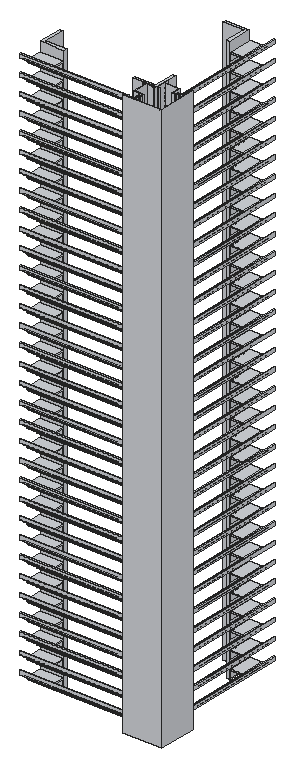
Revit family "ES-EL-2 (Box Corner)", category Mechanical Equipment, Revit 2015 (continued)
Definition of nested family "ESEL2BRACE"
  Forms (in)
    Extrusion 11, solid
      sketch origin (0, 5.69191, -3.66078) x (0, 1, 0) y (0, 0, 1)
        loop
          arc (-6.83484, 25.70535) -> (-6.88001, 25.57645) -> (-6.78396, 25.67355) r 0.07
          line (-6.78396, 25.67355) -> (-6.75255, 25.72382) -> (-5.78591, 25.72382) -> (-5.78591, 25.17182)
      from -2 to 0
    Extrusion 12, solid
      sketch origin (0, 5.69191, -5.11078) x (0, 1, 0) y (0, 0, 1)
        loop
          line (-5.78591, 25.17182) -> (-5.69191, 25.17182) -> (-5.69191, 25.81782) -> (-6.76456, 25.81782) -> (-6.83484, 25.70535)
          arc (-6.83484, 25.70535) -> (-6.88001, 25.57645) -> (-6.78396, 25.67355) r 0.07
          line (-6.78396, 25.67355) -> (-6.75255, 25.72382) -> (-5.78591, 25.72382) -> (-5.78591, 25.17182)
      from -2 to 0
    Extrusion 13, solid
      sketch origin (0, 5.69191, -6.56078) x (0, 1, 0) y (0, 0, 1)
        loop
          line (-5.78591, 25.17182) -> (-5.69191, 25.17182) -> (-5.69191, 25.81782) -> (-6.76456, 25.81782) -> (-6.83484, 25.70535)
          arc (-6.83484, 25.70535) -> (-6.88001, 25.57645) -> (-6.78396, 25.67355) r 0.07
          line (-6.78396, 25.67355) -> (-6.75255, 25.72382) -> (-5.78591, 25.72382) -> (-5.78591, 25.17182)
      from -2 to 0
    Extrusion 14, solid
      sketch origin (0, 5.69191, -8.01078) x (0, 1, 0) y (0, 0, 1)
        loop
          line (-5.78591, 25.17182) -> (-5.69191, 25.17182) -> (-5.69191, 25.81782) -> (-6.76456, 25.81782) -> (-6.83484, 25.70535)
          arc (-6.83484, 25.70535) -> (-6.88001, 25.57645) -> (-6.78396, 25.67355) r 0.07
          line (-6.78396, 25.67355) -> (-6.75255, 25.72382) -> (-5.78591, 25.72382) -> (-5.78591, 25.17182)
      from -2 to 0
    Extrusion 15, solid
      sketch origin (0, 5.69191, -9.46078) x (0, 1, 0) y (0, 0, 1)
        loop
          line (-5.78591, 25.17182) -> (-5.69191, 25.17182) -> (-5.69191, 25.81782) -> (-6.76456, 25.81782) -> (-6.83484, 25.70535)
          arc (-6.83484, 25.70535) -> (-6.88001, 25.57645) -> (-6.78396, 25.67355) r 0.07
          line (-6.78396, 25.67355) -> (-6.75255, 25.72382) -> (-5.78591, 25.72382) -> (-5.78591, 25.17182)
      from -2 to 0
    Extrusion 16, solid
      sketch origin (0, 5.69191, -10.91078) x (0, 1, 0) y (0, 0, 1)
        loop
          line (-5.78591, 25.17182) -> (-5.69191, 25.17182) -> (-5.69191, 25.81782) -> (-6.76456, 25.81782) -> (-6.83484, 25.70535)
          arc (-6.83484, 25.70535) -> (-6.88001, 25.57645) -> (-6.78396, 25.67355) r 0.07
          line (-6.78396, 25.67355) -> (-6.75255, 25.72382) -> (-5.78591, 25.72382) -> (-5.78591, 25.17182)
      from -2 to 0
    Extrusion 17, solid
      sketch origin (0, 5.69191, -12.36078) x (0, 1, 0) y (0, 0, 1)
        loop
          line (-5.78591, 25.17182) -> (-5.69191, 25.17182) -> (-5.69191, 25.81782) -> (-6.76456, 25.81782) -> (-6.83484, 25.70535)
          arc (-6.83484, 25.70535) -> (-6.88001, 25.57645) -> (-6.78396, 25.67355) r 0.07
          line (-6.78396, 25.67355) -> (-6.75255, 25.72382) -> (-5.78591, 25.72382) -> (-5.78591, 25.17182)
      from -2 to 0
    Extrusion 18, solid
      sketch origin (0, 5.69191, -13.81078) x (0, 1, 0) y (0, 0, 1)
        loop
          line (-5.78591, 25.17182) -> (-5.69191, 25.17182) -> (-5.69191, 25.81782) -> (-6.76456, 25.81782) -> (-6.83484, 25.70535)
          arc (-6.83484, 25.70535) -> (-6.88001, 25.57645) -> (-6.78396, 25.67355) r 0.07
          line (-6.78396, 25.67355) -> (-6.75255, 25.72382) -> (-5.78591, 25.72382) -> (-5.78591, 25.17182)
      from -2 to 0
    Extrusion 19, solid
      sketch origin (0, 5.69191, -15.26078) x (0, 1, 0) y (0, 0, 1)
        loop
          line (-5.78591, 25.17182) -> (-5.69191, 25.17182) -> (-5.69191, 25.81782) -> (-6.76456, 25.81782) -> (-6.83484, 25.70535)
          arc (-6.83484, 25.70535) -> (-6.88001, 25.57645) -> (-6.78396, 25.67355) r 0.07
          line (-6.78396, 25.67355) -> (-6.75255, 25.72382) -> (-5.78591, 25.72382) -> (-5.78591, 25.17182)
      from -2 to 0
    Extrusion 20, solid
      sketch origin (0, 5.69191, -16.71078) x (0, 1, 0) y (0, 0, 1)
        loop
          line (-5.78591, 25.17182) -> (-5.69191, 25.17182) -> (-5.69191, 25.81782) -> (-6.76456, 25.81782) -> (-6.83484, 25.70535)
          arc (-6.83484, 25.70535) -> (-6.88001, 25.57645) -> (-6.78396, 25.67355) r 0.07
          line (-6.78396, 25.67355) -> (-6.75255, 25.72382) -> (-5.78591, 25.72382) -> (-5.78591, 25.17182)
      from -2 to 0
    Extrusion 21, solid
      sketch origin (0, 5.69191, -18.16078) x (0, 1, 0) y (0, 0, 1)
        loop
          line (-5.78591, 25.17182) -> (-5.69191, 25.17182) -> (-5.69191, 25.81782) -> (-6.76456, 25.81782) -> (-6.83484, 25.70535)
          arc (-6.83484, 25.70535) -> (-6.88001, 25.57645) -> (-6.78396, 25.67355) r 0.07
          line (-6.78396, 25.67355) -> (-6.75255, 25.72382) -> (-5.78591, 25.72382) -> (-5.78591, 25.17182)
      from -2 to 0
    Extrusion 22, solid
      sketch origin (0, 5.69191, -19.61078) x (0, 1, 0) y (0, 0, 1)
        loop
          line (-5.78591, 25.17182) -> (-5.69191, 25.17182) -> (-5.69191, 25.81782) -> (-6.76456, 25.81782) -> (-6.83484, 25.70535)
          arc (-6.83484, 25.70535) -> (-6.88001, 25.57645) -> (-6.78396, 25.67355) r 0.07
          line (-6.78396, 25.67355) -> (-6.75255, 25.72382) -> (-5.78591, 25.72382) -> (-5.78591, 25.17182)
      from -2 to 0
    Extrusion 23, solid
      sketch origin (0, 5.69191, -21.06078) x (0, 1, 0) y (0, 0, 1)
        loop
          line (-5.78591, 25.17182) -> (-5.69191, 25.17182) -> (-5.69191, 25.81782) -> (-6.76456, 25.81782) -> (-6.83484, 25.70535)
          arc (-6.83484, 25.70535) -> (-6.88001, 25.57645) -> (-6.78396, 25.67355) r 0.07
          line (-6.78396, 25.67355) -> (-6.75255, 25.72382) -> (-5.78591, 25.72382) -> (-5.78591, 25.17182)
      from -2 to 0
    Extrusion 24, solid
      sketch origin (0, 5.69191, -22.51078) x (0, 1, 0) y (0, 0, 1)
        loop
          line (-5.78591, 25.17182) -> (-5.69191, 25.17182) -> (-5.69191, 25.81782) -> (-6.76456, 25.81782) -> (-6.83484, 25.70535)
          arc (-6.83484, 25.70535) -> (-6.88001, 25.57645) -> (-6.78396, 25.67355) r 0.07
          line (-6.78396, 25.67355) -> (-6.75255, 25.72382) -> (-5.78591, 25.72382) -> (-5.78591, 25.17182)
      from -2 to 0
    Extrusion 25, solid
      sketch origin (0, 5.69191, -23.96078) x (0, 1, 0) y (0, 0, 1)
        loop
          line (-5.78591, 25.17182) -> (-5.69191, 25.17182) -> (-5.69191, 25.81782) -> (-6.76456, 25.81782) -> (-6.83484, 25.70535)
          arc (-6.83484, 25.70535) -> (-6.88001, 25.57645) -> (-6.78396, 25.67355) r 0.07
          line (-6.78396, 25.67355) -> (-6.75255, 25.72382) -> (-5.78591, 25.72382) -> (-5.78591, 25.17182)
      from -2 to 0
  Dimensions and locks (in)
    "Brace Height": plane 4 to level
    locked: plane 4 to plane 5 at 0.79297
    equal spacing: group 1, group 2, group 3, group 4, group 5, group 6, group 7, group 8, group 9, group 10, group 11, group 12, group 13, group 14, group 15, group 16, group 17, group 18, group 19, group 20, group 21, group 22, group 23, group 24  (x2)
    equal spacing: group 24, group 23, group 22, group 21, group 20, group 19, group 18, group 17, group 16, group 15, group 14, group 13, group 12, group 11, group 10, group 9, group 8, group 7, group 6, group 5, group 4, group 3, group 2, group 1
    "Brace Spacing": Extrusion 3 to Extrusion 2
    aligned and locked: level to plane 2
    aligned and locked: plane 4 to Extrusion 1
    aligned and locked: plane 5 to Extrusion 2
    aligned and locked: Extrusion 2 to plane 6
    aligned and locked: plane 3 "Center (Left/Right)" to Extrusion 2
    aligned and locked: Extrusion 3 to Extrusion 2
  Automatic sketch dimensions
    plane 1 "Center (Front/Back)" to Extrusion 1 sketch curve = 0' - 0"
    Extrusion 1 sketch curve to plane 3 "Center (Left/Right)" = 0' - 0"
    Extrusion 1 sketch curve to Extrusion 1 sketch curve = 0' - 0 1/4"
    Extrusion 1 sketch curve to plane 1 "Center (Front/Back)" = 0' - 0 1/4"
    Extrusion 1 sketch curve to Extrusion 1 sketch curve = 0' - 1 3/4"  (x2)
    Extrusion 2 sketch curve to Extrusion 2 sketch curve = 0' - 0.05896"
    Extrusion 2 sketch curve to Extrusion 2 sketch curve = 0' - 0.05088"
    Extrusion 2 sketch curve to Extrusion 2 sketch curve = 0' - 0.03141"
    Extrusion 2 sketch curve to Extrusion 2 sketch curve = 0' - 0.96664"
    Extrusion 2 sketch curve to Extrusion 2 sketch curve = 0' - 0.094"  (x2)
    Extrusion 2 sketch curve to Extrusion 2 sketch curve = 0' - 0.552"
    Extrusion 2 sketch curve to Extrusion 2 sketch curve = 0' - 0.01201"
    Extrusion 2 sketch curve to Extrusion 2 sketch curve = 0' - 0.088"
    Extrusion 2 sketch curve to Extrusion 2 sketch curve = 0' - 0.05026"
    Extrusion 3 sketch curve to Extrusion 3 sketch curve = 0' - 0.05896"
    Extrusion 3 sketch curve to Extrusion 3 sketch curve = 0' - 0.05088"
    Extrusion 3 sketch curve to Extrusion 3 sketch curve = 0' - 0.03141"
    Extrusion 3 sketch curve to Extrusion 3 sketch curve = 0' - 0.96664"
    Extrusion 3 sketch curve to Extrusion 3 sketch curve = 0' - 0.094"  (x2)
    Extrusion 3 sketch curve to Extrusion 3 sketch curve = 0' - 0.552"
    Extrusion 3 sketch curve to Extrusion 3 sketch curve = 0' - 0.01201"
    Extrusion 3 sketch curve to Extrusion 3 sketch curve = 0' - 0.088"
    Extrusion 3 sketch curve to Extrusion 3 sketch curve = 0' - 0.05026"
    Extrusion 4 sketch curve to Extrusion 4 sketch curve = 0' - 0.05896"
    Extrusion 4 sketch curve to Extrusion 4 sketch curve = 0' - 0.05088"
    Extrusion 4 sketch curve to Extrusion 4 sketch curve = 0' - 0.03141"
    Extrusion 4 sketch curve to Extrusion 4 sketch curve = 0' - 0.96664"
    Extrusion 4 sketch curve to Extrusion 4 sketch curve = 0' - 0.094"  (x2)
    Extrusion 4 sketch curve to Extrusion 4 sketch curve = 0' - 0.552"
    Extrusion 4 sketch curve to Extrusion 4 sketch curve = 0' - 0.01201"
    Extrusion 4 sketch curve to Extrusion 4 sketch curve = 0' - 0.088"
    Extrusion 4 sketch curve to Extrusion 4 sketch curve = 0' - 0.05026"
    Extrusion 5 sketch curve to Extrusion 5 sketch curve = 0' - 0.05896"
    Extrusion 5 sketch curve to Extrusion 5 sketch curve = 0' - 0.05088"
    Extrusion 5 sketch curve to Extrusion 5 sketch curve = 0' - 0.03141"
    Extrusion 5 sketch curve to Extrusion 5 sketch curve = 0' - 0.96664"
    Extrusion 5 sketch curve to Extrusion 5 sketch curve = 0' - 0.094"  (x2)
    Extrusion 5 sketch curve to Extrusion 5 sketch curve = 0' - 0.552"
    Extrusion 5 sketch curve to Extrusion 5 sketch curve = 0' - 0.01201"
    Extrusion 5 sketch curve to Extrusion 5 sketch curve = 0' - 0.088"
    Extrusion 5 sketch curve to Extrusion 5 sketch curve = 0' - 0.05026"
    Extrusion 6 sketch curve to Extrusion 6 sketch curve = 0' - 0.05896"
    Extrusion 6 sketch curve to Extrusion 6 sketch curve = 0' - 0.05088"
    Extrusion 6 sketch curve to Extrusion 6 sketch curve = 0' - 0.03141"
    Extrusion 6 sketch curve to Extrusion 6 sketch curve = 0' - 0.96664"
    Extrusion 6 sketch curve to Extrusion 6 sketch curve = 0' - 0.094"  (x2)
    Extrusion 6 sketch curve to Extrusion 6 sketch curve = 0' - 0.552"
    Extrusion 6 sketch curve to Extrusion 6 sketch curve = 0' - 0.01201"
    Extrusion 6 sketch curve to Extrusion 6 sketch curve = 0' - 0.088"
    Extrusion 6 sketch curve to Extrusion 6 sketch curve = 0' - 0.05026"
    Extrusion 7 sketch curve to Extrusion 7 sketch curve = 0' - 0.05896"
    Extrusion 7 sketch curve to Extrusion 7 sketch curve = 0' - 0.05088"
    Extrusion 7 sketch curve to Extrusion 7 sketch curve = 0' - 0.03141"
    Extrusion 7 sketch curve to Extrusion 7 sketch curve = 0' - 0.96664"
    Extrusion 7 sketch curve to Extrusion 7 sketch curve = 0' - 0.094"  (x2)
    Extrusion 7 sketch curve to Extrusion 7 sketch curve = 0' - 0.552"
    Extrusion 7 sketch curve to Extrusion 7 sketch curve = 0' - 0.01201"
    Extrusion 7 sketch curve to Extrusion 7 sketch curve = 0' - 0.088"
    Extrusion 7 sketch curve to Extrusion 7 sketch curve = 0' - 0.05026"
    Extrusion 8 sketch curve to Extrusion 8 sketch curve = 0' - 0.05896"
    Extrusion 8 sketch curve to Extrusion 8 sketch curve = 0' - 0.05088"
    Extrusion 8 sketch curve to Extrusion 8 sketch curve = 0' - 0.03141"
    Extrusion 8 sketch curve to Extrusion 8 sketch curve = 0' - 0.96664"
    Extrusion 8 sketch curve to Extrusion 8 sketch curve = 0' - 0.094"  (x2)
    Extrusion 8 sketch curve to Extrusion 8 sketch curve = 0' - 0.552"
    Extrusion 8 sketch curve to Extrusion 8 sketch curve = 0' - 0.01201"
    Extrusion 8 sketch curve to Extrusion 8 sketch curve = 0' - 0.088"
    Extrusion 8 sketch curve to Extrusion 8 sketch curve = 0' - 0.05026"
    Extrusion 9 sketch curve to Extrusion 9 sketch curve = 0' - 0.05896"
    Extrusion 9 sketch curve to Extrusion 9 sketch curve = 0' - 0.05088"
    Extrusion 9 sketch curve to Extrusion 9 sketch curve = 0' - 0.03141"
    Extrusion 9 sketch curve to Extrusion 9 sketch curve = 0' - 0.96664"
    Extrusion 9 sketch curve to Extrusion 9 sketch curve = 0' - 0.094"  (x2)
    Extrusion 9 sketch curve to Extrusion 9 sketch curve = 0' - 0.552"
    Extrusion 9 sketch curve to Extrusion 9 sketch curve = 0' - 0.01201"
    Extrusion 9 sketch curve to Extrusion 9 sketch curve = 0' - 0.088"
    Extrusion 9 sketch curve to Extrusion 9 sketch curve = 0' - 0.05026"
    Extrusion 10 sketch curve to Extrusion 10 sketch curve = 0' - 0.05896"
    Extrusion 10 sketch curve to Extrusion 10 sketch curve = 0' - 0.05088"
    Extrusion 10 sketch curve to Extrusion 10 sketch curve = 0' - 0.03141"
    Extrusion 10 sketch curve to Extrusion 10 sketch curve = 0' - 0.96664"
    Extrusion 10 sketch curve to Extrusion 10 sketch curve = 0' - 0.094"  (x2)
    Extrusion 10 sketch curve to Extrusion 10 sketch curve = 0' - 0.552"
    Extrusion 10 sketch curve to Extrusion 10 sketch curve = 0' - 0.01201"
    Extrusion 10 sketch curve to Extrusion 10 sketch curve = 0' - 0.088"
    Extrusion 10 sketch curve to Extrusion 10 sketch curve = 0' - 0.05026"
    Extrusion 11 sketch curve to Extrusion 11 sketch curve = 0' - 0.05896"
    Extrusion 11 sketch curve to Extrusion 11 sketch curve = 0' - 0.05088"
    Extrusion 11 sketch curve to Extrusion 11 sketch curve = 0' - 0.03141"
    Extrusion 11 sketch curve to Extrusion 11 sketch curve = 0' - 0.96664"
    Extrusion 11 sketch curve to Extrusion 11 sketch curve = 0' - 0.094"  (x2)
    Extrusion 11 sketch curve to Extrusion 11 sketch curve = 0' - 0.552"
    Extrusion 11 sketch curve to Extrusion 11 sketch curve = 0' - 0.01201"
    Extrusion 11 sketch curve to Extrusion 11 sketch curve = 0' - 0.088"
    Extrusion 11 sketch curve to Extrusion 11 sketch curve = 0' - 0.05026"
    Extrusion 12 sketch curve to Extrusion 12 sketch curve = 0' - 0.05896"
    Extrusion 12 sketch curve to Extrusion 12 sketch curve = 0' - 0.05088"
    Extrusion 12 sketch curve to Extrusion 12 sketch curve = 0' - 0.03141"
    Extrusion 12 sketch curve to Extrusion 12 sketch curve = 0' - 0.96664"
    Extrusion 12 sketch curve to Extrusion 12 sketch curve = 0' - 0.094"  (x2)
    Extrusion 12 sketch curve to Extrusion 12 sketch curve = 0' - 0.552"
    Extrusion 12 sketch curve to Extrusion 12 sketch curve = 0' - 0.01201"
    Extrusion 12 sketch curve to Extrusion 12 sketch curve = 0' - 0.088"
    Extrusion 12 sketch curve to Extrusion 12 sketch curve = 0' - 0.05026"
    Extrusion 13 sketch curve to Extrusion 13 sketch curve = 0' - 0.05896"
    Extrusion 13 sketch curve to Extrusion 13 sketch curve = 0' - 0.05088"
    Extrusion 13 sketch curve to Extrusion 13 sketch curve = 0' - 0.03141"
    Extrusion 13 sketch curve to Extrusion 13 sketch curve = 0' - 0.96664"
    Extrusion 13 sketch curve to Extrusion 13 sketch curve = 0' - 0.094"  (x2)
    Extrusion 13 sketch curve to Extrusion 13 sketch curve = 0' - 0.552"
    Extrusion 13 sketch curve to Extrusion 13 sketch curve = 0' - 0.01201"
    Extrusion 13 sketch curve to Extrusion 13 sketch curve = 0' - 0.088"
    Extrusion 13 sketch curve to Extrusion 13 sketch curve = 0' - 0.05026"
    Extrusion 14 sketch curve to Extrusion 14 sketch curve = 0' - 0.05896"
    Extrusion 14 sketch curve to Extrusion 14 sketch curve = 0' - 0.05088"
    Extrusion 14 sketch curve to Extrusion 14 sketch curve = 0' - 0.03141"
    Extrusion 14 sketch curve to Extrusion 14 sketch curve = 0' - 0.96664"
    Extrusion 14 sketch curve to Extrusion 14 sketch curve = 0' - 0.094"  (x2)
    Extrusion 14 sketch curve to Extrusion 14 sketch curve = 0' - 0.552"
    Extrusion 14 sketch curve to Extrusion 14 sketch curve = 0' - 0.01201"
    Extrusion 14 sketch curve to Extrusion 14 sketch curve = 0' - 0.088"
    Extrusion 14 sketch curve to Extrusion 14 sketch curve = 0' - 0.05026"
    Extrusion 15 sketch curve to Extrusion 15 sketch curve = 0' - 0.05896"
    Extrusion 15 sketch curve to Extrusion 15 sketch curve = 0' - 0.05088"
    Extrusion 15 sketch curve to Extrusion 15 sketch curve = 0' - 0.03141"
    Extrusion 15 sketch curve to Extrusion 15 sketch curve = 0' - 0.96664"
    Extrusion 15 sketch curve to Extrusion 15 sketch curve = 0' - 0.094"  (x2)
    Extrusion 15 sketch curve to Extrusion 15 sketch curve = 0' - 0.552"
    Extrusion 15 sketch curve to Extrusion 15 sketch curve = 0' - 0.01201"
    Extrusion 15 sketch curve to Extrusion 15 sketch curve = 0' - 0.088"
    Extrusion 15 sketch curve to Extrusion 15 sketch curve = 0' - 0.05026"
    Extrusion 16 sketch curve to Extrusion 16 sketch curve = 0' - 0.05896"
    Extrusion 16 sketch curve to Extrusion 16 sketch curve = 0' - 0.05088"
    Extrusion 16 sketch curve to Extrusion 16 sketch curve = 0' - 0.03141"
    Extrusion 16 sketch curve to Extrusion 16 sketch curve = 0' - 0.96664"
    Extrusion 16 sketch curve to Extrusion 16 sketch curve = 0' - 0.094"  (x2)
    Extrusion 16 sketch curve to Extrusion 16 sketch curve = 0' - 0.552"
    Extrusion 16 sketch curve to Extrusion 16 sketch curve = 0' - 0.01201"
    Extrusion 16 sketch curve to Extrusion 16 sketch curve = 0' - 0.088"
    Extrusion 16 sketch curve to Extrusion 16 sketch curve = 0' - 0.05026"
    Extrusion 17 sketch curve to Extrusion 17 sketch curve = 0' - 0.05896"
    Extrusion 17 sketch curve to Extrusion 17 sketch curve = 0' - 0.05088"
    Extrusion 17 sketch curve to Extrusion 17 sketch curve = 0' - 0.03141"
    Extrusion 17 sketch curve to Extrusion 17 sketch curve = 0' - 0.96664"
    Extrusion 17 sketch curve to Extrusion 17 sketch curve = 0' - 0.094"  (x2)
    Extrusion 17 sketch curve to Extrusion 17 sketch curve = 0' - 0.552"
    Extrusion 17 sketch curve to Extrusion 17 sketch curve = 0' - 0.01201"
    Extrusion 17 sketch curve to Extrusion 17 sketch curve = 0' - 0.088"
    Extrusion 17 sketch curve to Extrusion 17 sketch curve = 0' - 0.05026"
    Extrusion 18 sketch curve to Extrusion 18 sketch curve = 0' - 0.05896"
    Extrusion 18 sketch curve to Extrusion 18 sketch curve = 0' - 0.05088"
    Extrusion 18 sketch curve to Extrusion 18 sketch curve = 0' - 0.03141"
    Extrusion 18 sketch curve to Extrusion 18 sketch curve = 0' - 0.96664"
    Extrusion 18 sketch curve to Extrusion 18 sketch curve = 0' - 0.094"  (x2)
    Extrusion 18 sketch curve to Extrusion 18 sketch curve = 0' - 0.552"
    Extrusion 18 sketch curve to Extrusion 18 sketch curve = 0' - 0.01201"
    Extrusion 18 sketch curve to Extrusion 18 sketch curve = 0' - 0.088"
    Extrusion 18 sketch curve to Extrusion 18 sketch curve = 0' - 0.05026"
    Extrusion 19 sketch curve to Extrusion 19 sketch curve = 0' - 0.05896"
    Extrusion 19 sketch curve to Extrusion 19 sketch curve = 0' - 0.05088"
    Extrusion 19 sketch curve to Extrusion 19 sketch curve = 0' - 0.03141"
    Extrusion 19 sketch curve to Extrusion 19 sketch curve = 0' - 0.96664"
    Extrusion 19 sketch curve to Extrusion 19 sketch curve = 0' - 0.094"  (x2)
    Extrusion 19 sketch curve to Extrusion 19 sketch curve = 0' - 0.552"
    Extrusion 19 sketch curve to Extrusion 19 sketch curve = 0' - 0.01201"
    Extrusion 19 sketch curve to Extrusion 19 sketch curve = 0' - 0.088"
    Extrusion 19 sketch curve to Extrusion 19 sketch curve = 0' - 0.05026"
    Extrusion 20 sketch curve to Extrusion 20 sketch curve = 0' - 0.05896"
    Extrusion 20 sketch curve to Extrusion 20 sketch curve = 0' - 0.05088"
    Extrusion 20 sketch curve to Extrusion 20 sketch curve = 0' - 0.03141"
    Extrusion 20 sketch curve to Extrusion 20 sketch curve = 0' - 0.96664"
    Extrusion 20 sketch curve to Extrusion 20 sketch curve = 0' - 0.094"  (x2)
    Extrusion 20 sketch curve to Extrusion 20 sketch curve = 0' - 0.552"
    Extrusion 20 sketch curve to Extrusion 20 sketch curve = 0' - 0.01201"
    Extrusion 20 sketch curve to Extrusion 20 sketch curve = 0' - 0.088"
    Extrusion 20 sketch curve to Extrusion 20 sketch curve = 0' - 0.05026"
    Extrusion 21 sketch curve to Extrusion 21 sketch curve = 0' - 0.05896"
    Extrusion 21 sketch curve to Extrusion 21 sketch curve = 0' - 0.05088"
    Extrusion 21 sketch curve to Extrusion 21 sketch curve = 0' - 0.03141"
    Extrusion 21 sketch curve to Extrusion 21 sketch curve = 0' - 0.96664"
    Extrusion 21 sketch curve to Extrusion 21 sketch curve = 0' - 0.094"  (x2)
    Extrusion 21 sketch curve to Extrusion 21 sketch curve = 0' - 0.552"
    Extrusion 21 sketch curve to Extrusion 21 sketch curve = 0' - 0.01201"
    Extrusion 21 sketch curve to Extrusion 21 sketch curve = 0' - 0.088"
    Extrusion 21 sketch curve to Extrusion 21 sketch curve = 0' - 0.05026"
    Extrusion 22 sketch curve to Extrusion 22 sketch curve = 0' - 0.05896"
    Extrusion 22 sketch curve to Extrusion 22 sketch curve = 0' - 0.05088"
    Extrusion 22 sketch curve to Extrusion 22 sketch curve = 0' - 0.03141"
    Extrusion 22 sketch curve to Extrusion 22 sketch curve = 0' - 0.96664"
    Extrusion 22 sketch curve to Extrusion 22 sketch curve = 0' - 0.094"  (x2)
    Extrusion 22 sketch curve to Extrusion 22 sketch curve = 0' - 0.552"
    Extrusion 22 sketch curve to Extrusion 22 sketch curve = 0' - 0.01201"
    Extrusion 22 sketch curve to Extrusion 22 sketch curve = 0' - 0.088"
    Extrusion 22 sketch curve to Extrusion 22 sketch curve = 0' - 0.05026"
    Extrusion 23 sketch curve to Extrusion 23 sketch curve = 0' - 0.05896"
    Extrusion 23 sketch curve to Extrusion 23 sketch curve = 0' - 0.05088"
    Extrusion 23 sketch curve to Extrusion 23 sketch curve = 0' - 0.03141"
    Extrusion 23 sketch curve to Extrusion 23 sketch curve = 0' - 0.96664"
    Extrusion 23 sketch curve to Extrusion 23 sketch curve = 0' - 0.094"  (x2)
    Extrusion 23 sketch curve to Extrusion 23 sketch curve = 0' - 0.552"
    Extrusion 23 sketch curve to Extrusion 23 sketch curve = 0' - 0.01201"
    Extrusion 23 sketch curve to Extrusion 23 sketch curve = 0' - 0.088"
    Extrusion 23 sketch curve to Extrusion 23 sketch curve = 0' - 0.05026"
    Extrusion 24 sketch curve to Extrusion 24 sketch curve = 0' - 0.05896"
    Extrusion 24 sketch curve to Extrusion 24 sketch curve = 0' - 0.05088"
    Extrusion 24 sketch curve to Extrusion 24 sketch curve = 0' - 0.03141"
    Extrusion 24 sketch curve to Extrusion 24 sketch curve = 0' - 0.96664"
    Extrusion 24 sketch curve to Extrusion 24 sketch curve = 0' - 0.094"  (x2)
    Extrusion 24 sketch curve to Extrusion 24 sketch curve = 0' - 0.552"
    Extrusion 24 sketch curve to Extrusion 24 sketch curve = 0' - 0.01201"
    Extrusion 24 sketch curve to Extrusion 24 sketch curve = 0' - 0.088"
    Extrusion 24 sketch curve to Extrusion 24 sketch curve = 0' - 0.05026"
    Extrusion 25 sketch curve to Extrusion 25 sketch curve = 0' - 0.05896"
    Extrusion 25 sketch curve to Extrusion 25 sketch curve = 0' - 0.05088"
    Extrusion 25 sketch curve to Extrusion 25 sketch curve = 0' - 0.03141"
    Extrusion 25 sketch curve to Extrusion 25 sketch curve = 0' - 0.96664"
    Extrusion 25 sketch curve to Extrusion 25 sketch curve = 0' - 0.094"  (x2)
    Extrusion 25 sketch curve to Extrusion 25 sketch curve = 0' - 0.552"
    Extrusion 25 sketch curve to Extrusion 25 sketch curve = 0' - 0.01201"
    Extrusion 25 sketch curve to Extrusion 25 sketch curve = 0' - 0.088"
    Extrusion 25 sketch curve to Extrusion 25 sketch curve = 0' - 0.05026"
